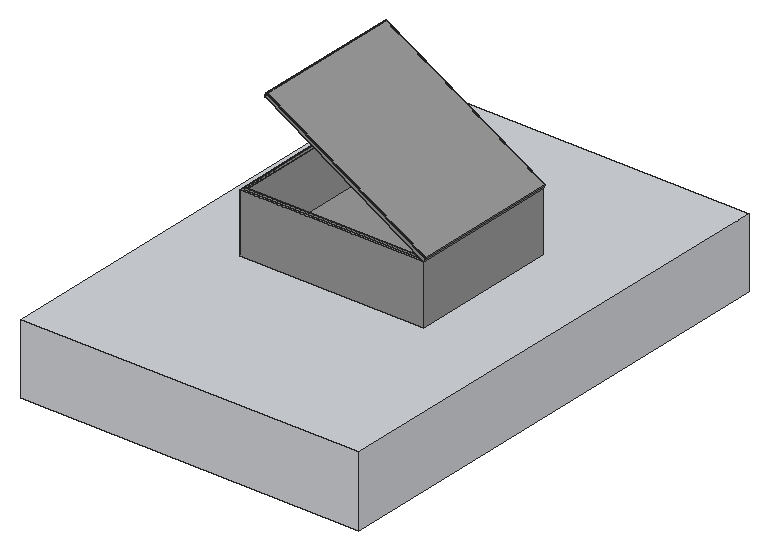
Revit family "Hager-Univers-IP55-D275-H650-Cl.II-Steel_encl-PT-pt", category Equipement électrique, Revit 2020
Family settings
  Hôte = Face
  Configuration du panneau = Deux colonnes, circuits au sein
  Cote de connecteur circulaire = Utiliser le diamètre
  Type d'élément = Tableau de raccordement
  Couper avec des vides une fois chargée = Non
  Partagée = Non
  Point de calcul de pièce = Non
Parameters (values of type "Montagem em superfície (gesso) IP55 L800 A650 P275  - FR43S")
  Width Control [instance] = if([EF000008 - Largura] > Min Width, [EF000008 - Largura], Min Width)  # 800 mm
  Commentaires du type = [HG000003 - Gama]  # "Univers"
  Thickness Door [instance] = if([EF009171 - Espessura do material da porta/tampa] > 3 mm, 3 mm, [EF009171 - Espessura do material da porta/tampa])  # 1.5 mm
  Seal Frame Offset [instance] = 17 mm  # constant formula
  Plinth Visibility [instance] = [HG000027 - Altura da Plinta] > 0 mm  # no
  Model = ""
  Min Width [instance] = 100 mm  # constant formula
  Min Height [instance] = 100 mm  # constant formula
  Min Depth [instance] = (2 * [EF009170 - Espessura do material do invólucro]) + 1 mm  # 4 mm
  Internal Frame Depth [instance] = (Door System Depth * 0.5)  # 9 mm
  Height Control [instance] = if([EF000040 - Altura] > Min Height, [EF000040 - Altura], Min Height)  # 650 mm
  HG000027 - Altura da Plinta = 0 mm
  HG000026 - Instalação no chão = no
  HG000024 - Altura da secção inferior = 800 mm
  HG000023 - Recinto de secção dupla = no
  HG000016 - Visibilidade da porta 3D [instance] = yes
  HG000015 - Visibilidade através da porta [instance] = no
  HG000014 - Porta à direita [instance] = yes
  HG000013 - Porta à esquerda [instance] = not([HG000014 - Porta à direita])  # no
  HG000012 - Ângulo de abertura de porta [instance] = 30.00°
  HG000010 - Portas assimétricas = no
  HG000009 - Porta dupla = no
  HG000006 - Encastrado = no
  HG000004 - Referência do Fabricante = "FR43S"
  HG000003 - Gama = "Univers"
  HG000002 - Com porta ou tampa = yes
  Frame Offset Bottom [instance] = 10 mm  # constant formula
  Frame Offset [instance] = 15 mm  # constant formula
  EF015940 - Tampa com libertação de sobrepressão = no
  EF011959 - Grau de proteção (NEMA) = ""
  EF009554 - Número de aberturas para placas de flange = 6
  Fabricant = "Hager"  # constant formula
  EF009212 - Tipo de tampa = "EV000116 - Fechado"
  EF009171 - Espessura do material da porta/tampa = 1.5 mm
  EF009170 - Espessura do material do invólucro = 1.5 mm
  EF008873 - Corrente nominal (In) = 800 A
  EF007800 - Adequado para proteção contra raios = no
  EF006306 - Com fecho = no
  EF006244 - Tampa/porta transparente = no
  EF005474 - Grau de proteção (IP) = "EV006420 - IP55"
  EF004464 - Tipo de porta = "EV002646 - Único"
  EF004427 - Número de módulos = 144
  EF004293 - Força de impacto = "EV008784 - IK10"
  EF003532 - Adequado para uso no exterior = no
  EF002950 - Largura em número de módulos = 24
  EF001613 - Integridade do circuito = "EV000494 - Nenhum"
  EF001596 - Material do corpo = "EV000179 - Aço"
  EF001131 - Profundidade interior = 275 mm
  EF001088 - Extensão possível = yes
  EF000437 - Número de entradas de condutores = 6
  EF000339 - Tipo de difusor = "EV004216 - Porta"
  EF000266 - Número de linhas = 4
  EF000218 - Profundidade incorporada = 0 mm
  EF000118 - Com tampa de montagem = no
  EF000116 - Número RAL = "7035"
  EF000049 - Profundidade = 275 mm
  EF000040 - Altura = 650 mm
  EF000008 - Largura = 800 mm
  EF000007 - Cor = "EV000270 - Cinzento"
  EF000003 - Método de montagem = "EV000384 - Montagem em superfície (gesso)"
  Door System Leaf Tolerance [instance] = 1.5 mm  # constant formula
  Door System Depth [instance] = 18 mm  # constant formula
  Door Height [instance] = Height Control - [HG000027 - Altura da Plinta]  # 650 mm
  Depth Control [instance] = if([EF000049 - Profundidade] > Min Depth, [EF000049 - Profundidade], Min Depth)  # 275 mm
  Default Elevation = 0 mm
  Connector Offset [instance] = Height Control / 2  # 325 mm
  Bottom Top Plate Trim [instance] = 1.5 mm  # constant formula
  Plinth height Ctrl [instance] = if([HG000027 - Altura da Plinta] > 0 mm, [HG000027 - Altura da Plinta], 12 mm)  # 12 mm
Types (5, lengths in mm): name | Width Control | HG000010 - Portas assimétricas | HG000009 - Porta dupla | HG000004 - Referência do Fabricante | EF009554 - Número de aberturas para placas de flange | EF004464 - Tipo de porta | EF004427 - Número de módulos | EF000437 - Número de entradas de condutores | EF000008 - Largura
  Montagem em superfície (gesso) IP55 L1050 A650 P275  - FR44S | 1050 | no | yes | "FR44S" | 8 | "EV003602 - Duplo" | 192 | 8 | 1050
  Montagem em superfície (gesso) IP55 L1300 A650 P275  - FR45S | 1300 | yes | yes | "FR45S" | 10 | "EV003602 - Duplo" | 240 | 10 | 1300
  Montagem em superfície (gesso) IP55 L300 A650 P275  - FR41S | 300 | no | no | "FR41S" | 2 | "EV002646 - Único" | 48 | 2 | 300
  Montagem em superfície (gesso) IP55 L550 A650 P275  - FR42S | 550 | no | no | "FR42S" | 4 | "EV002646 - Único" | 96 | 4 | 550
  Montagem em superfície (gesso) IP55 L800 A650 P275  - FR43S | 800 | no | no | "FR43S" | 6 | "EV002646 - Único" | 144 | 6 | 800
Reference planes
  plane 1 "Center (Front/Back)": y = 0
  plane 2: z = 0
  plane 3 "Center (Left/Right)": x = 0
  plane 4: z = 275
  plane 5: y = 1.5
  plane 6: y = 325
  plane 7: y = 0
  plane 8: y = 650
  plane 9: z = 0
  plane 10: x = -385
  plane 11: x = 385
  plane 12: x = 383.5
  plane 13: x = -383.5
  plane 14: y = 648.5
  plane 15: x = -383
  plane 16: x = -400
  plane 17: x = 383
  plane 18: x = 400
  plane 19: x = 398.5
  plane 20: x = -398.5
  plane 21: y = 11.5
  plane 22: y = 650
  plane 23: y = 633.5
  plane 24: z = 257
  plane 25: z = 1.5
  plane 26: z = 255.5
  plane 27: z = 273.5
Forms (mm)
  Extrusion 1, solid
    sketch origin (0, 0, 0) x (1, 0, 0) y (0, 1, 0)
      loop
        line (-702.964, 1305) -> (-702.964, -811.445) -> (766.763, -811.445) -> (766.763, 1305) -> (-702.964, 1305)
    from 0 to -304.8
  Extrusion 2, solid, material "Hager_Steel_RAL7035_Light_Grey", visible <- "Plinth Visibility", detail levels medium+fine
    sketch origin (0, 0, 0) x (1, 0, 0) y (0, 1, 0)
      loop
        line (-400, 0) -> (400, 0) -> (400, 12) -> (-400, 12) -> (-400, 0)
    from 0 to 257
  Extrusion 3, solid, material "Hager_Steel_RAL7035_Light_Grey", detail levels medium+fine
    sketch origin (0, 0, 0) x (1, 0, 0) y (0, 1, 0)
      loop
        line (-400, 0) -> (400, 0) -> (400, 650) -> (-400, 650) -> (-400, 0)
    from 0 to 257
  Extrusion 4, void
    sketch origin (0, 0, 0) x (1, 0, 0) y (0, 1, 0)
      loop
        line (-398.5, 1.5) -> (398.5, 1.5) -> (398.5, 648.5) -> (-398.5, 648.5) -> (-398.5, 1.5)
    from 1.5 to 255.5
  Extrusion 5, void
    sketch origin (-381.607, -4572, 257) x (0, -1, 0) y (-1, 0, 0)
      loop
        line (-4583.5, 1.893) -> (-5205.5, 1.893) -> (-5205.5, -765.107) -> (-4583.5, -765.107) -> (-4583.5, 1.893)
    from 0 to 1.5 <- "EF009170 - Espessura do material do invólucro"
  Extrusion 6, solid, material "Hager_Steel_RAL7035_Light_Grey", detail levels fine
    sketch origin (0, 0, 257) x (1, 0, 0) y (0, 1, 0)
      loop
        line (-383.5, 633.5) -> (-383.5, 11.5) -> (383.5, 11.5) -> (383.5, 633.5) -> (-383.5, 633.5)
      loop
        line (-385, 10) -> (385, 10) -> (385, 635) -> (-385, 635) -> (-385, 10)
    from 0 to 9 <- "Internal Frame Depth"
  Extrusion 7, solid, material "Hager_Steel_RAL7035_Light_Grey", detail levels coarse
    sketch origin (0, 0, 0) x (1, 0, 0) y (0, 1, 0)
      loop
        line (-400, 0) -> (400, 0) -> (400, 650) -> (-400, 650) -> (-400, 0)
    from 0 to 275
  Sweep 8, void
    path in 3D
      loop
        line (-400, 12, 0) -> (400, 12, 0) -> (400, 12, 257) -> (-400, 12, 257) -> (-400, 12, 0)
    profile origin (-400, 12, 128.5) x (-1, 0, 0) y (0, -1, 0)
      loop
        line (0, 0) -> (0, 1.5) -> (-1.5, 1.5)
        arc (-1.5, 1.5) -> (-1.061, 0.439) -> (0, 0) r 1.5
Cuts and joins
  Extrusion 4, Extrusion 5 cuts Extrusion 3
  Sweep 8 cuts Extrusion 2
Lines and regions (mm)
  Masking region 1
    outline origin (0, 0, 0) x (1, 0, 0) y (0, 0, 1)
      loop
        line (-400, 275) -> (-400, 0) -> (400, 0) -> (400, 275) -> (-400, 275)
  Masking region 2, detail levels medium+fine
    outline origin (0, 140, 0) x (0, 1, 0) y (0, 0, 1)
      loop
        line (-140, 0) -> (510, 0) -> (510, 257) -> (-140, 257) -> (-140, 0)
  Masking region 3, not visible, detail levels medium+fine
    outline origin (0, 297.922, 0) x (0, 1, 0) y (0, 0, 1)
      loop
        line (38.578, 0) -> (78.578, 0) -> (78.578, 263.5)
        arc (78.578, 263.5) -> (75.649, 270.571) -> (68.578, 273.5) r 10
        line (68.578, 273.5) -> (38.578, 273.5) -> (38.578, 0)
  Masking region 4, detail levels coarse
    outline origin (0, 0, 180) x (0, 1, 0) y (0, 0, 1)
      loop
        line (0, -180) -> (650, -180) -> (650, 95) -> (0, 95) -> (0, -180)
  Masking region 5, visible <- "Plinth Visibility", detail levels medium+fine
    outline origin (0, 52.24, 12.345) x (0, 0, -1) y (0, 1, 0)
      loop
        line (10.845, -40.24) -> (-243.155, -40.24)
        arc (-243.155, -40.24) -> (-243.594, -41.301) -> (-244.655, -41.74) r 1.5
        line (-244.655, -41.74) -> (-244.655, -52.24) -> (12.345, -52.24) -> (12.345, -41.74)
        arc (12.345, -41.74) -> (11.285, -41.301) -> (10.845, -40.24) r 1.5
  Masking region 6, detail levels medium+fine
    outline origin (-381.607, -4572, 257) x (-1, 0, 0) y (0, -1, 0)
      loop
        line (18.393, -5222) -> (18.393, -4572) -> (-781.607, -4572) -> (-781.607, -5222) -> (18.393, -5222)
  Masking region 7, visible <- "Plinth Visibility", detail levels medium+fine
    outline origin (-381.607, -4727, 257) x (-1, 0, 0) y (0, -1, 0)
      loop
        arc (16.893, -4739) -> (17.332, -4737.939) -> (18.393, -4737.5) r 1.5
        line (18.393, -4737.5) -> (18.393, -4727) -> (-781.607, -4727) -> (-781.607, -4737.5)
        arc (-781.607, -4737.5) -> (-780.546, -4737.939) -> (-780.107, -4739) r 1.5
        line (-780.107, -4739) -> (16.893, -4739)
  Masking region 8, detail levels coarse
    outline origin (-442.548, -4669.526, 257) x (-1, 0, 0) y (0, -1, 0)
      loop
        line (-42.548, -5319.526) -> (-42.548, -4669.526) -> (-842.548, -4669.526) -> (-842.548, -5319.526) -> (-42.548, -5319.526)
  sketch lines
    curve 1: line (-400, 12, 257) -> (-400, 12, 0)
    curve 2: line (400, 12, 257) -> (-400, 12, 257)
    curve 3: line (400, 12, 257) -> (400, 12, 0)
    curve 4: line (-400, 12, 0) -> (400, 12, 0)
Dimensions and locks
  "Depth Control": plane 4 to Extrusion 1
  "HG000027 - Altura da Plinta": plane 1 "Center (Front/Back)" to plane 7
  "EF009170 - Espessura do material do invólucro": plane 5 to plane 7
  locked: connector elem to plane 3 "Center (Left/Right)"
  equal spacing: plane 8, plane 6, plane 7
  locked: connector elem to plane 6
  "EF009170 - Espessura do material do invólucro": plane 8 to plane 14
  "EF009170 - Espessura do material do invólucro": plane 10 to plane 13
  "EF009170 - Espessura do material do invólucro": plane 12 to plane 11
  "Frame Offset": plane 20 to plane 13
  "Frame Offset": plane 12 to plane 19
  "EF009170 - Espessura do material do invólucro": plane 16 to plane 20
  "EF009170 - Espessura do material do invólucro": plane 19 to plane 18
  "Seal Frame Offset": plane 16 to plane 15
  "Seal Frame Offset": plane 17 to plane 18
  "Frame Offset Bottom": plane 21 to plane 5
  "Frame Offset": plane 14 to plane 23
  equal spacing: plane 16, plane 3 "Center (Left/Right)", plane 18
  "Width Control": plane 16 to plane 18
  "EF009170 - Espessura do material do invólucro": plane 4 to plane 27
  "EF009170 - Espessura do material do invólucro": plane 24 to plane 26
  "EF009170 - Espessura do material do invólucro": plane 25 to level
  "Door System Depth": plane 4 to plane 24
  "Height Control": plane 1 "Center (Front/Back)" to Extrusion 7 sketch curve
  "Height Control": Masking region 4 sketch curve to plane 1 "Center (Front/Back)"
  "Height Control": plane 1 "Center (Front/Back)" to plane 22
  "Bottom Top Plate Trim": profile plane to Sweep 8 sketch curve
  "Bottom Top Plate Trim": Sweep 8 sketch curve to profile plane
  "Plinth height Ctrl": plane 1 "Center (Front/Back)" to Extrusion 2 sketch curve
  "Plinth height Ctrl": Masking region 5 sketch curve to plane 1 "Center (Front/Back)"
  "Plinth height Ctrl": plane 1 "Center (Front/Back)" to Masking region 7 sketch curve
  "Thickness Door": Extrusion 6 sketch curve to Extrusion 6 sketch curve  (x3)
  "Thickness Door": cut or joined group of Extrusion 3, Extrusion 4, Extrusion 5 to Extrusion 6 sketch curve
  radius of Masking region 3 sketch curve = 10 mm
  "Bottom Top Plate Trim": radius of Masking region 5 sketch curve  (x2)
  "Bottom Top Plate Trim": radius of Sweep 8 sketch curve
  "Bottom Top Plate Trim": radius of Masking region 7 sketch curve  (x2)
  aligned and locked: plane 2 to Extrusion 1
  aligned and locked: level to Extrusion 1
  aligned and locked: level to Masking region 1 sketch curve
  aligned and locked: Masking region 1 sketch curve to plane 18
  aligned and locked: Masking region 1 sketch curve to plane 16
  aligned and locked: plane 7 to Masking region 2 sketch curve
  aligned and locked: level to Masking region 3 sketch curve
  aligned and locked: Masking region 3 sketch curve to plane 27
  aligned and locked: level to Masking region 2 sketch curve
  aligned and locked: plane 1 "Center (Front/Back)" to Extrusion 2 sketch curve
  aligned and locked: Extrusion 3 sketch curve to plane 7
  aligned and locked: plane 16 to Extrusion 3 sketch curve
  aligned and locked: plane 18 to Extrusion 3 sketch curve
  aligned and locked: plane 20 to Extrusion 4 sketch curve
  aligned and locked: plane 19 to Extrusion 4 sketch curve
  aligned and locked: Extrusion 4 sketch curve to plane 5
  aligned and locked: Extrusion 4 to plane 25
  aligned and locked: plane 26 to Extrusion 4
  aligned and locked: plane 24 to Extrusion 3
  aligned and locked: Extrusion 5 sketch curve to plane 21
  aligned and locked: Extrusion 5 sketch curve to plane 13
  aligned and locked: Extrusion 5 sketch curve to plane 12
  aligned and locked: plane 18 to Extrusion 7 sketch curve
  aligned and locked: plane 1 "Center (Front/Back)" to Extrusion 7 sketch curve
  aligned and locked: plane 16 to Extrusion 7 sketch curve
  aligned and locked: plane 4 to Extrusion 7
  aligned and locked: Extrusion 7 to level
  aligned and locked: level to Masking region 4 sketch curve
  aligned and locked: Masking region 4 sketch curve to plane 1 "Center (Front/Back)"
  aligned and locked: Masking region 4 sketch curve to plane 4
  aligned and locked: nested 1 to level
  aligned and locked: nested 1 to plane 16
  aligned and locked: plane 8 to Extrusion 3 sketch curve
  aligned and locked: plane 23 to Extrusion 5 sketch curve
  aligned and locked: plane 14 to Extrusion 4 sketch curve
  aligned and locked: Masking region 2 sketch curve to plane 8
  aligned and locked: level to Masking region 5 sketch curve
  aligned and locked: plane 16 to Extrusion 2 sketch curve
  aligned and locked: plane 18 to Extrusion 2 sketch curve
  aligned and locked: Masking region 5 sketch curve to plane 24
  aligned and locked: Masking region 2 sketch curve to plane 24
  aligned and locked: plane 24 to Extrusion 2
  aligned and locked: profile plane to Sweep 8 sketch curve  (x2)
  aligned and locked: Masking region 6 sketch curve to plane 18
  aligned and locked: Masking region 6 sketch curve to plane 22
  aligned and locked: Masking region 6 sketch curve to plane 16
  aligned and locked: plane 8 to plane 22
  aligned and locked: Masking region 6 sketch curve to plane 7
  aligned and locked: Masking region 7 sketch curve to plane 16
  aligned and locked: Masking region 7 sketch curve to plane 1 "Center (Front/Back)"
  aligned and locked: Masking region 7 sketch curve to plane 18
  aligned and locked: Masking region 8 sketch curve to plane 1 "Center (Front/Back)"
  aligned and locked: Masking region 8 sketch curve to plane 18
  aligned and locked: Masking region 8 sketch curve to plane 22
  aligned and locked: Masking region 8 sketch curve to plane 16
  aligned and locked: nested 2 to plane 7
  aligned and locked: plane 3 "Center (Left/Right)" to nested 2
  aligned and locked: nested 2 to plane 24
  aligned and locked: Extrusion 6 sketch curve to cut or joined group of Extrusion 3, Extrusion 4, Extrusion 5  (x4)
Automatic sketch dimensions
  Extrusion 1 sketch curve to Extrusion 1 sketch curve = 1469.727 mm
  Extrusion 1 sketch curve to Extrusion 1 sketch curve = 2116.445 mm
  Masking region 1 sketch curve to plane 4 = 0 mm
  plane 6 to Masking region 3 sketch curve = 11.5 mm
  Masking region 3 sketch curve to Masking region 3 sketch curve = 30 mm
  Masking region 5 sketch curve to plane 1 "Center (Front/Back)" = 0 mm
Nested families
  nested 1: "Hager_Enclosure_Symbol" at (-400, 0, 0) x (1, 0, 0) z (0, -1, 0), Height <- "Depth Control", Width <- "Width Control", type "Hager_Enclosure_Symbol"
    with Width_Ctrl 800 mm, Width 800 mm, Height_Ctrl 275 mm, Height 275 mm, A_Width_Int 18.047 mm, A_Width 216.562 mm, A_Height_Ctrl 240.625 mm, A_Height 240.625 mm
  nested 2: "EC000058_Univers_Door" at (0, 0, 257) x (1, 0, 0) z (0, 1, 0), Leaf_Tolerance <- "Door System Leaf Tolerance", Angle <- "HG000012 - Ângulo de abertura de porta", Door_Depth <- "Door System Depth", Door_Left <- "HG000013 - Porta à esquerda", Transparent <- "EF006244 - Tampa/porta transparente", Assymetrical <- "HG000010 - Portas assimétricas", Width <- "Width Control", Clearance <- "HG000015 - Visibilidade através da porta", Double <- "HG000009 - Porta dupla", 3d_Door <- "HG000016 - Visibilidade da porta 3D", Lock_Visibility <- "EF006306 - Com fecho", Width_Ctrl <- "Width Control", Door_Right <- "HG000014 - Porta à direita", Door <- "HG000002 - Com porta ou tampa", Height <- "Door Height", Thickness <- "Thickness Door", type "EC000058_Univers_Door", detail levels medium+fine
    with min_wh 4 mm, Width_Ctrl 800 mm, Width 800 mm, Transparent no, Thickness 1.5 mm, Seal_Material Hager_Rubber, Lock_Visibility no, Lock_Material Hager_Plastic_RAL9005_Jet_Black, Leaf_Width 800 mm, Leaf_Tolerance_External_Sides 0 mm, Leaf_Tolerance 1.5 mm, Leaf_Offset 0 mm, Leaf_Height 647 mm, Leaf_2_Width 800 mm, Leaf_2_Offset 400 mm, Leaf_1_Width 800 mm, Leaf_1_Offset 400 mm, Height_Ctrl 650 mm, Height 650 mm, Glass_Material Hager_Glass, Double_Clearance_Ctrl no, Double no, Door_Right_Ctrl yes, Door_Right yes, Door_Material Hager_Steel_RAL7035_Light_Grey, Door_Left_Ctrl no, Door_Left no, Door_Depth 18 mm, Door yes, Clearance_Material Hager_Clearance, Clearance_Depth 800 mm, Clearance_Ctrl no, Clearance no, Assymetrical no, Angle 30.00°, 3d_Door yes
Connectors
  electrical at (0, 325, 0)
    settings: on plane 9, index 1, voltage 0 V, apparent load 0 VA, apparent load phase1 0 VA, apparent load phase2 0 VA, apparent load phase3 0 VA, power factor 1, load classification "Other", number of poles 1, system type 30, power factor state 1, is connector primary yes, connector utility no, sub classification motor no, connector description ""
Definition of nested family "EC000058_Univers_Door"
  Parameters (values of type "EC000058_Univers_Door")
    min_wh [instance] = (2 * Thickness) + 1 mm  # 11 mm
    Width_Ctrl [instance] = 400 mm
    Width [instance] = 500 mm
    Transparent [instance] = yes
    Thickness [instance] = 5 mm
    Seal_Material [instance] = none
    Lock_Visibility [instance] = yes
    Lock_Material [instance] = none
    Leaf_Width [instance] = if((Width_Ctrl - 2 * Leaf_Tolerance_External_Sides) > 0 mm, (Width_Ctrl - 2 * Leaf_Tolerance_External_Sides), min_wh)  # 400 mm
    Leaf_Tolerance_External_Sides [instance] = 0 mm  # constant formula
    Leaf_Tolerance [instance] = 1.5 mm
    Leaf_Offset [instance] = 0 mm  # constant formula
    Leaf_Height [instance] = if((Height_Ctrl - 2 * Leaf_Tolerance) > 0 mm, (Height_Ctrl - 2 * Leaf_Tolerance), min_wh)  # 497 mm
    Leaf_2_Width [instance] = if(and(and(Double, Assymetrical), Door_Left), (Leaf_Width / 3) - (Leaf_Tolerance / 2), if(and(and(Double, Assymetrical), Door_Right), (Leaf_Width / 3) * 2 - (Leaf_Tolerance / 2), if(and(Double, not(Assymetrical)), (Leaf_Width / 2) - Leaf_Tolerance, Leaf_Width)))  # 400 mm
    Leaf_2_Offset [instance] = if(and(Double, Assymetrical), Leaf_2_Width / 2, if(and(Double, not(Assymetrical)), Leaf_Width / 4, Leaf_Width / 2))  # 200 mm
    Leaf_1_Width [instance] = if(and(and(Double, Assymetrical), Door_Right), (Leaf_Width / 3) - (Leaf_Tolerance / 2), if(and(and(Double, Assymetrical), Door_Left), (Width / 3) * 2 - (Leaf_Tolerance / 2), if(and(Double, not(Assymetrical)), (Leaf_Width / 2) - Leaf_Tolerance, Leaf_Width)))  # 400 mm
    Leaf_1_Offset [instance] = if(and(Double, Assymetrical), Leaf_1_Width / 2, if(and(Double, not(Assymetrical)), Leaf_Width / 4, Leaf_Width / 2))  # 200 mm
    Height_Ctrl [instance] = if(Height > min_wh, Height, min_wh)  # 500 mm
    Height [instance] = 500 mm
    Glass_Material [instance] = none
    Double_Clearance_Ctrl [instance] = and(Double, Clearance)  # no
    Double [instance] = no
    Door_Right_Ctrl [instance] = and(or(Door_Right, Double), Door)  # yes
    Door_Right [instance] = yes
    Door_Material [instance] = none
    Door_Left_Ctrl [instance] = and(or(Door_Left, Double), Door)  # no
    Door_Left [instance] = no
    Door_Depth [instance] = 30 mm
    Door [instance] = yes
    Default Elevation = 1219.2 mm
    Clearance_Material [instance] = none
    Clearance_Depth [instance] = if(Leaf_1_Width > Leaf_2_Width, Leaf_1_Width, Leaf_2_Width)  # 400 mm
    Clearance_Ctrl [instance] = and(not(Double), Clearance)  # yes
    Clearance [instance] = yes
    Assymetrical [instance] = yes
    Angle [instance] = 30.00°
    3d_Door [instance] = yes
  Reference planes
    plane 1 "Center (Front/Back)": y = 0
    plane 2 "Bottom": z = 0
    plane 3 "Center (Left/Right)": x = 0
    plane 4: z = 500
    plane 5: x = -200
    plane 6: x = 200
    plane 7: z = 500
    plane 8: x = -200
    plane 9: z = 0
    plane 10: x = 200
    plane 11: y = 0
    plane 12: z = 1.5
    plane 13: x = -600
    plane 14: y = -400
    plane 15: x = 600
    plane 16: x = 0
    plane 17: x = 0
    plane 18: x = -200
    plane 19: x = 200
    plane 20: z = 498.5
  Forms (mm)
    Extrusion 1, solid, material <- "Clearance_Material", visible <- "Double_Clearance_Ctrl"
      sketch origin (1200, 0, 0) x (1, 0, 0) y (0, 0, -1)
        loop
          line (-1800, -498.5) -> (-600, -498.5) -> (-600, 0) -> (-1800, 0) -> (-1800, -498.5)
      from 0 to -400
  Dimensions and locks
    equal spacing: plane 5, plane 3 "Center (Left/Right)", plane 6
    "Width_Ctrl": plane 5 to plane 6
    "Leaf_Offset": plane 5 to plane 8
    "Leaf_Offset": plane 6 to plane 10
    "Leaf_Offset": plane 9 to level
    "Leaf_Offset": plane 4 to plane 7
    "Height_Ctrl": plane 4 to level
    "Leaf_Tolerance": plane 12 to plane 9
    locked: plane 11 to plane 1 "Center (Front/Back)"
    "Leaf_1_Offset": plane 18 to plane 16
    "Leaf_2_Offset": plane 17 to plane 19
    "Leaf_1_Width": plane 13 to plane 8
    "Leaf_2_Width": plane 10 to plane 15
    "Clearance_Depth": plane 14 to plane 1 "Center (Front/Back)"
    "Leaf_Tolerance_External_Sides": plane 8 to plane 18
    "Leaf_Tolerance_External_Sides": plane 19 to plane 10
    "Leaf_Tolerance": plane 7 to plane 20
    aligned and locked: level to plane 2 "Bottom"
    aligned and locked: nested 1 to plane 16
    aligned and locked: nested 2 to plane 17
    aligned and locked: Extrusion 1 to plane 13
    aligned and locked: plane 15 to Extrusion 1
    aligned and locked: Extrusion 1 to plane 14
    aligned and locked: plane 12 to nested 1
    aligned and locked: nested 2 to plane 12
    aligned and locked: Extrusion 1 to plane 11
    aligned and locked: plane 20 to Extrusion 1
    aligned and locked: nested 2 to plane 11
    aligned and locked: nested 1 to plane 11
  Automatic sketch dimensions
    Extrusion 1 sketch curve to level = 0 mm
    plane 5 to Extrusion 1 sketch curve = 400 mm
    plane 6 to Extrusion 1 sketch curve = 400 mm
    Extrusion 1 sketch curve to plane 4 = 1.5 mm
  Nested families
    nested 1: "EC000058_Univers_Door_Leaf" at (0, 0, 1.5), Width <- "Leaf_1_Width", visible <- "Door_Left_Ctrl", Leaf_Height <- "Leaf_Height", Angle <- "Angle", 3d_Door <- "3d_Door", Transparent <- "Transparent", Clearance Material <- "Clearance_Material", Clearance <- "Clearance_Ctrl", Door_Material <- "Door_Material", Glass_Material <- "Glass_Material", Door_Depth <- "Door_Depth", Lock_Material <- "Lock_Material", Seal_Material <- "Seal_Material", Lock_Visibility <- "Lock_Visibility", Thickness <- "Thickness", type "EC000058_Univers_Door_Leaf"
      with Width 400 mm, Transparent_Glass_Offset 30 mm, Transparent_Ctrl yes, Transparent yes, Thickness 5 mm, Standard no, Seal_Material none, Seal_D2 8 mm, Seal_D1 1 mm, Offset_Internal_Frame 10 mm, Lock_Width 20 mm, Lock_Visibility_3d yes, Lock_Visibility yes, Lock_Thickness_3 3 mm, Lock_Thickness_2 1 mm, Lock_Thickness_1 3 mm, Lock_Radius_Offset_2 16 mm, Lock_Radius_Offset_1 15 mm, Lock_Radius_2 5 mm, Lock_Radius 6 mm, Lock_Offset 5 mm, Lock_Material none, Lock_Height 80 mm, Lock_Cover_Top_Offset_2d 17 mm, Lock_Cover_Height -65 mm, Leaf_Height 497 mm, Internal_Seal_Thickness 8 mm, Internal_Seal_Depth_2 4.5 mm, Internal_Frame_Depth 25 mm, Glass_Thickness -1 mm, Glass_Offset -2 mm, Glass_Material none, Door_Material none, Door_Depth 30 mm, Clearance Material none, Clearance yes, Angle_Ctrl 30.00°, Angle 30.00°, 3d_Door yes
    nested 2: "EC000058_Univers_Door_Leaf" at (0, 0, 1.5) x (-1, 0, 0) z (0, 0, 1), Width <- "Leaf_2_Width", visible <- "Door_Right_Ctrl", Leaf_Height <- "Leaf_Height", Angle <- "Angle", 3d_Door <- "3d_Door", Transparent <- "Transparent", Clearance Material <- "Clearance_Material", Clearance <- "Clearance_Ctrl", Door_Material <- "Door_Material", Glass_Material <- "Glass_Material", Door_Depth <- "Door_Depth", Lock_Material <- "Lock_Material", Seal_Material <- "Seal_Material", Lock_Visibility <- "Lock_Visibility", Thickness <- "Thickness", type "EC000058_Univers_Door_Leaf"
      with Width 400 mm, Transparent_Glass_Offset 30 mm, Transparent_Ctrl yes, Transparent yes, Thickness 5 mm, Standard no, Seal_Material none, Seal_D2 8 mm, Seal_D1 1 mm, Offset_Internal_Frame 10 mm, Lock_Width 20 mm, Lock_Visibility_3d yes, Lock_Visibility yes, Lock_Thickness_3 3 mm, Lock_Thickness_2 1 mm, Lock_Thickness_1 3 mm, Lock_Radius_Offset_2 16 mm, Lock_Radius_Offset_1 15 mm, Lock_Radius_2 5 mm, Lock_Radius 6 mm, Lock_Offset 5 mm, Lock_Material none, Lock_Height 80 mm, Lock_Cover_Top_Offset_2d 17 mm, Lock_Cover_Height -65 mm, Leaf_Height 497 mm, Internal_Seal_Thickness 8 mm, Internal_Seal_Depth_2 4.5 mm, Internal_Frame_Depth 25 mm, Glass_Thickness -1 mm, Glass_Offset -2 mm, Glass_Material none, Door_Material none, Door_Depth 30 mm, Clearance Material none, Clearance yes, Angle_Ctrl 30.00°, Angle 30.00°, 3d_Door yes
  Definition of nested family "EC000058_Univers_Door_Leaf"
    Parameters (values of type "EC000058_Univers_Door_Leaf")
      Width [instance] = 2000 mm
      Transparent_Glass_Offset [instance] = 30 mm
      Transparent_Ctrl [instance] = and(Transparent, [3d_Door])  # yes
      Transparent [instance] = yes
      Thickness [instance] = 5 mm
      Standard [instance] = and(not(Transparent), [3d_Door])  # no
      Seal_Material [instance] = none
      Seal_D2 [instance] = 8 mm  # constant formula
      Seal_D1 [instance] = 1 mm  # constant formula
      Offset_Internal_Frame [instance] = 10 mm  # constant formula
      Lock_Width [instance] = 20 mm  # constant formula
      Lock_Visibility_3d [instance] = and(Lock_Visibility, [3d_Door])  # yes
      Lock_Visibility [instance] = yes
      Lock_Thickness_3 [instance] = 3 mm  # constant formula
      Lock_Thickness_2 [instance] = 1 mm  # constant formula
      Lock_Thickness_1 [instance] = 3 mm  # constant formula
      Lock_Radius_Offset_2 [instance] = Lock_Radius_Offset_1 + 1 mm  # 16 mm
      Lock_Radius_Offset_1 [instance] = 15 mm  # constant formula
      Lock_Radius_2 [instance] = Lock_Radius - 1 mm  # 5 mm
      Lock_Radius [instance] = 6 mm  # constant formula
      Lock_Offset [instance] = 5 mm  # constant formula
      Lock_Material [instance] = none
      Lock_Height [instance] = 80 mm  # constant formula
      Lock_Cover_Top_Offset_2d [instance] = Lock_Radius_Offset_2 + 1 mm  # 17 mm
      Lock_Cover_Height [instance] = -(Lock_Height - Lock_Radius_Offset_1)  # -65 mm
      Leaf_Height [instance] = 2720.336 mm
      Internal_Seal_Thickness [instance] = 8 mm  # constant formula
      Internal_Seal_Depth_2 [instance] = 4.5 mm  # constant formula
      Internal_Frame_Depth [instance] = if(Door_Depth - Thickness > 5 mm, Door_Depth - Thickness, 5 mm)  # 25 mm
      Glass_Thickness [instance] = if(Thickness > 15 mm, Glass_Offset + 10 mm, -1 mm)  # -1 mm
      Glass_Offset [instance] = if(Thickness > 15 mm, -(Thickness + 10 mm) / 2, -2 mm)  # -2 mm
      Glass_Material [instance] = none
      Door_Material [instance] = none
      Door_Depth [instance] = 30 mm
      Default Elevation = 0 mm
      Clearance Material [instance] = none
      Clearance [instance] = yes
      Angle_Ctrl [instance] = if(Angle > 180.00°, 180.00°, Angle)  # 90.00°
      Angle [instance] = 90.00°
      3d_Door [instance] = yes
    Reference planes
      plane 1 "Center (Front/Back)": y = 0
      plane 2: z = 0
      plane 3 "Center (Left/Right)": x = 0
      plane 4: y = 2000
      plane 5: x = -1000
      plane 6: x = 1000
      plane 7: x = -3000
      plane 8: z = 2720.336
      plane 9: z = 30
      plane 10: z = 2690.336
      plane 11: x = 970
      plane 12: x = -970
      plane 13: y = -3
      plane 14: z = 107.833
      plane 15: y = -5
      plane 16: y = -223.314
      plane 17: x = -1000
      plane 18: z = 1360.168
      plane 19: y = 30
    Forms (mm)
      Extrusion 1, solid, material <- "Clearance Material", visible <- "Clearance"
        sketch origin (0, 0, 0) x (1, 0, 0) y (0, 0, 1)
          loop
            line (-3000, 2720.336) -> (-3000, 0) -> (1000, 0) -> (1000, 2720.336) -> (-3000, 2720.336)
        from 0 to -2000
      Extrusion 2, solid, material <- "Door_Material", visible <- "Standard", detail levels medium+fine
        sketch origin (-1000, 0, 0) x (0, 1, 0) y (-1, 0, 0)
          loop
            line (0, 30) -> (0, 25) -> (2000, 25) -> (2000, 30) -> (0, 30)
        from 0 to 2720.336 <- "Leaf_Height"
      Extrusion 3, solid, material <- "Door_Material", visible <- "Transparent_Ctrl", detail levels medium+fine
        sketch origin (-1000, 0, 0) x (0, 1, 0) y (-1, 0, 0)
          loop
            line (0, 25) -> (2000, 25) -> (2000, 30) -> (0, 30) -> (0, 25)
        from 0 to 2720.336 <- "Leaf_Height"
      Extrusion 4, void
        sketch origin (-1025, 2000, 0) x (0, 1, 0) y (0, 0, -1)
          loop
            line (-30, -2690.336) -> (-30, -30) -> (-1970, -30) -> (-1970, -2690.336) -> (-30, -2690.336)
        from 0 to 5 <- "Thickness"
      Sweep 5, solid, material <- "Seal_Material", visible <- "Transparent_Ctrl", detail levels fine
        path in 3D
          loop
            line (-1025, 30, 30) -> (-1025, 30, 2690.336) -> (-1025, 1970, 2690.336) -> (-1025, 1970, 30) -> (-1025, 30, 30)
        profile origin (-1025, 1000, 30) x (1, 0, 0) y (0, 0, 1)
          loop
            line (0, 0) -> (0, -8) -> (1, -8) -> (1, 0) -> (0, 0)
      Extrusion 6, solid, material <- "Glass_Material", visible <- "Transparent_Ctrl", detail levels medium+fine
        sketch origin (-1030, 0, 0) x (0, 1, 0) y (0, 0, -1)
          loop
            line (1970, -2690.336) -> (1970, -30) -> (30, -30) -> (30, -2690.336) -> (1970, -2690.336)
        from -2 <- "Glass_Offset" to -1 <- "Glass_Thickness"
      Extrusion 7, solid, material <- "Door_Material", visible <- "3d_Door", detail levels medium+fine
        sketch origin (-1025, 2000, 0) x (0, -1, 0) y (0, 0, -1)
          loop
            line (0, -2720.336) -> (2000, -2720.336) -> (2000, 0) -> (0, 0) -> (0, -2720.336)
          loop
            line (1995, -5) -> (5, -5) -> (5, -2715.336) -> (1995, -2715.336) -> (1995, -5)
        from 0 to 25 <- "Internal_Frame_Depth"
      Sweep 8, solid, material <- "Seal_Material", visible <- "Transparent_Ctrl", detail levels fine
        path in 3D
          loop
            line (-1025, 0, 0) -> (-1025, 2000, 0) -> (-1025, 2000, 2720.336) -> (-1025, 0, 2720.336) -> (-1025, 0, 0)
        profile origin (-1025, 0, 1360.168) x (1, 0, 0) y (0, 1, 0)
          loop
            line (0, 10) -> (2.975, 10)
            arc (2.975, 10) -> (4.053, 10.447) -> (4.5, 11.525) r 1.525
            line (4.5, 11.525) -> (4.5, 16.527)
            arc (4.5, 16.527) -> (4.069, 17.569) -> (3.027, 18) r 1.473
            line (3.027, 18) -> (0, 18) -> (0, 10)
      Extrusion 9, solid, material <- "Lock_Material", visible <- "Lock_Visibility_3d", detail levels fine
        sketch origin (-1030, 0, 0) x (0, 1, 0) y (0, 0, -1)
          loop
            arc (1993.5, -1400.168) -> (1994.561, -1399.729) -> (1995, -1398.668) r 1.5
            line (1995, -1398.668) -> (1995, -1320.168) -> (1975, -1320.168) -> (1975, -1398.668)
            arc (1975, -1398.668) -> (1975.439, -1399.729) -> (1976.5, -1400.168) r 1.5
            line (1976.5, -1400.168) -> (1993.5, -1400.168)
        from 3 <- "Lock_Thickness_1" to 0
      Blend 10, solid, material <- "Lock_Material", visible <- "Lock_Visibility_3d", detail levels fine
        base sketch origin (-1033, 0, 0) x (0, 1, 0) y (0, 0, -1)
          loop
            line (1975, -1320.168) -> (1975, -1398.668)
            arc (1975, -1398.668) -> (1975.439, -1399.729) -> (1976.5, -1400.168) r 1.5
            line (1976.5, -1400.168) -> (1993.5, -1400.168)
            arc (1993.5, -1400.168) -> (1994.561, -1399.729) -> (1995, -1398.668) r 1.5
            line (1995, -1398.668) -> (1995, -1320.168) -> (1975, -1320.168)
        top sketch origin (-1033, 0, 0) x (0, 1, 0) y (0, 0, -1)
          loop
            line (1976, -1320.168) -> (1976, -1398.668)
            arc (1976, -1398.668) -> (1976.146, -1399.022) -> (1976.5, -1399.168) r 0.5
            line (1976.5, -1399.168) -> (1993.5, -1399.168)
            arc (1993.5, -1399.168) -> (1993.854, -1399.022) -> (1994, -1398.668) r 0.5
            line (1994, -1398.668) -> (1994, -1320.168) -> (1976, -1320.168)
        from 0 to 1 <- "Lock_Thickness_2"
      Blend 11, solid, material <- "Lock_Material", visible <- "Lock_Visibility_3d", detail levels fine
        base sketch origin (-1034, 0, 0) x (0, 1, 0) y (0, 0, -1)
          loop
            line (1978, -1320.168) -> (1978, -1384.168)
            arc (1978, -1384.168) -> (1985, -1391.168) -> (1992, -1384.168) r 7
            line (1992, -1384.168) -> (1992, -1320.168) -> (1978, -1320.168)
        top sketch origin (-1034, 0, 0) x (0, 1, 0) y (0, 0, -1)
          loop
            line (1991, -1320.168) -> (1979, -1320.168) -> (1979, -1383.168)
            arc (1979, -1383.168) -> (1985, -1389.168) -> (1991, -1383.168) r 6
            line (1991, -1383.168) -> (1991, -1320.168)
        from 0 to 3 <- "Lock_Thickness_3"
      Extrusion 12, solid, material <- "Lock_Material", visible <- "Lock_Visibility_3d", detail levels fine
        sketch origin (-1030, 1975, 1320.168) x (1, 0, 0) y (0, -1, 0)
          loop
            line (-7, -19) -> (-7, -1) -> (0, -1) -> (0, 0) -> (-8, 0) -> (-8, -20) -> (0, -20) -> (0, -19) -> (-7, -19)
        from 0 to -65 <- "Lock_Cover_Height"
      Extrusion 13, void
        sketch origin (-1038, 1995, 1320.168) x (-1, 0, 0) y (0, 0, -1)
          loop
            line (-5, -65) -> (0, -65) -> (-5, -60) -> (-5, -65)
        from 0 to 20 <- "Lock_Width"
      Extrusion 14, void
        sketch origin (-1038, 1975, 1320.168) x (0, -1, 0) y (0, 0, -1)
          loop
            circle (-10, -15.995) r 6
          loop
            circle (-10, -15.995) r 5
        from 0 to 2
      Extrusion 15, solid, material <- "Lock_Material", visible <- "Lock_Visibility_3d", detail levels medium
        sketch origin (-1030, 0, 0) x (0, 1, 0) y (0, 0, -1)
          loop
            arc (1993.5, -1400.168) -> (1994.561, -1399.729) -> (1995, -1398.668) r 1.5
            line (1995, -1398.668) -> (1995, -1320.168) -> (1975, -1320.168) -> (1975, -1398.668)
            arc (1975, -1398.668) -> (1975.439, -1399.729) -> (1976.5, -1400.168) r 1.5
            line (1976.5, -1400.168) -> (1993.5, -1400.168)
        from 8 to 0
    Cuts and joins
      Extrusion 4 cuts Extrusion 3
      Extrusion 13, Extrusion 14 cuts Extrusion 9
      Extrusion 14 cuts Blend 11
      Extrusion 13, Extrusion 14 cuts Extrusion 12
      joined: Extrusion 9, Blend 10, Blend 11, Extrusion 12
      Extrusion 14 cuts Extrusion 15
    Lines and regions (mm)
      Masking region 1, visible <- "Lock_Visibility", detail levels fine
        outline origin (0, 0, 0) x (0, 1, 0) y (0, 0, 1)
          loop
            line (30, 1320.168) -> (33, 1320.168) -> (33, 1400.168) -> (30, 1400.168) -> (30, 1320.168)
      Masking region 2, visible <- "Lock_Visibility", detail levels fine
        outline origin (0, 3.143, 0) x (0, 1, 0) y (0, 0, 1)
          loop
            line (29.857, 1354.168) -> (30.857, 1354.168) -> (30.857, 1366.168) -> (29.857, 1366.168) -> (29.857, 1354.168)
      Masking region 3, detail levels medium+fine
        outline origin (0, 0, 0) x (0, 1, 0) y (0, 0, 1)
          loop
            line (0, 0) -> (30, 0) -> (30, 2720.336) -> (0, 2720.336) -> (0, 0)
      Masking region 4, detail levels medium+fine
        outline origin (0, 0, 0) x (1, 0, 0) y (0, 0, 1)
          loop
            line (-1000, 2720.336) -> (-1000, 0) -> (1000, 0) -> (1000, 2720.336) -> (-1000, 2720.336)
      Masking region 5, visible <- "Lock_Visibility", detail levels fine
        outline origin (-47.116, 0, 0) x (1, 0, 0) y (0, 0, 1)
          loop
            arc (1024.616, 1399.168) -> (1023.556, 1398.729) -> (1023.116, 1397.668) r 1.5
            line (1023.116, 1397.668) -> (1023.116, 1320.168) -> (1041.116, 1320.168) -> (1041.116, 1397.668)
            arc (1041.116, 1397.668) -> (1040.677, 1398.729) -> (1039.616, 1399.168) r 1.5
            line (1039.616, 1399.168) -> (1024.616, 1399.168)
      Masking region 6, visible <- "Lock_Visibility", detail levels medium+fine
        outline origin (-25, 0, 0) x (1, 0, 0) y (0, 0, 1)
          loop
            arc (1001.5, 1400.168) -> (1000.439, 1399.729) -> (1000, 1398.668) r 1.5
            line (1000, 1398.668) -> (1000, 1320.168) -> (1020, 1320.168) -> (1020, 1398.668)
            arc (1020, 1398.668) -> (1019.561, 1399.729) -> (1018.5, 1400.168) r 1.5
            line (1018.5, 1400.168) -> (1001.5, 1400.168)
      Masking region 7, visible <- "Lock_Visibility", detail levels fine
        outline origin (-73.735, 0, 0) x (1, 0, 0) y (0, 0, 1)
          loop
            line (1051.735, 1382.168) -> (1065.735, 1382.168) -> (1065.735, 1384.168)
            arc (1065.735, 1384.168) -> (1058.735, 1391.168) -> (1051.735, 1384.168) r 7
            line (1051.735, 1384.168) -> (1051.735, 1382.168)
      Masking region 8, visible <- "Lock_Visibility", detail levels fine
        outline origin (-73.735, 0, 0) x (1, 0, 0) y (0, 0, 1)
          loop
            line (1052.735, 1382.168) -> (1064.735, 1382.168) -> (1064.735, 1383.168)
            arc (1064.735, 1383.168) -> (1058.735, 1389.168) -> (1052.735, 1383.168) r 6
            line (1052.735, 1383.168) -> (1052.735, 1382.168)
      Masking region 9, visible <- "Lock_Visibility", detail levels fine
        outline origin (-25, 0, 0) x (1, 0, 0) y (0, 0, 1)
          loop
            line (1020, 1320.168) -> (1020, 1382.168) -> (1000, 1382.168) -> (1000, 1320.168) -> (1020, 1320.168)
      Masking region 10, detail levels medium+fine
        outline origin (0, 0, 0) x (1, 0, 0) y (0, 0, 1)
          loop
            circle (985, 1335.144) r 6
      Masking region 11, detail levels fine
        outline origin (0, 0, 0) x (1, 0, 0) y (0, 0, 1)
          loop
            circle (985, 1335.144) r 5
      Masking region 12, visible <- "Lock_Visibility", detail levels fine
        outline origin (0, 12.767, 0) x (0, 1, 0) y (0, 0, 1)
          loop
            line (20.233, 1320.168) -> (21.233, 1320.168) -> (21.233, 1399.168) -> (20.233, 1400.168) -> (20.233, 1320.168)
      Masking region 13, visible <- "Lock_Visibility", detail levels fine
        outline origin (0, 13.767, -10) x (0, 1, 0) y (0, 0, 1)
          loop
            line (20.233, 1330.168) -> (23.233, 1330.168) -> (23.233, 1399.168) -> (20.233, 1402.168) -> (20.233, 1330.168)
      Masking region 14, visible <- "Lock_Visibility", detail levels fine
        outline origin (0, 12.767, -10) x (0, 1, 0) y (0, 0, 1)
          loop
            line (20.233, 1330.168) -> (25.233, 1330.168) -> (25.233, 1399.305) -> (20.233, 1394.305) -> (20.233, 1330.168)
      Masking region 15, visible <- "Lock_Visibility", detail levels medium
        outline origin (0, 0, 0) x (0, 1, 0) y (0, 0, 1)
          loop
            line (30, 1320.168) -> (38, 1320.168) -> (38, 1400.168) -> (30, 1400.168) -> (30, 1320.168)
      Masking region 16, visible <- "Lock_Visibility", detail levels fine
        outline origin (-1000, 0, 0) x (0, 1, 0) y (-1, 0, 0)
          loop
            line (1975, 30) -> (1995, 30) -> (1995, 38) -> (1975, 38) -> (1975, 30)
          loop
            line (1979, 37) -> (1976, 37) -> (1976, 34) -> (1978, 34) -> (1979, 37)
          loop
            line (1994, 37) -> (1991, 37) -> (1992, 34) -> (1994, 34) -> (1994, 37)
      Masking region 17, visible <- "Lock_Visibility", detail levels medium
        outline origin (-1000, 0, 0) x (0, 1, 0) y (-1, 0, 0)
          loop
            line (1975, 30) -> (1995, 30) -> (1995, 38) -> (1975, 38) -> (1975, 30)
      symbolic lines
        curve 1: line (1000, 0, 0) -> (-3000, 0, 0)
        curve 2: arc (1000, 0, 0) -> (-1000, 2000, 0) -> (-3000, 0, 0) r 2000
        curve 4: line (-1030, 0, 0) -> (-1030, 2000, 0)
      reference lines
        curve 3: line (-1000, 0, 0) -> (-1000, 2000, 0)
      symbolic lines, detail levels medium+fine
        curve 5: line (-1030, 2000, 0) -> (-1025, 2000, 0)
        curve 7: line (-1025, 0, 0) -> (-1030, 0, 0)
        curve 8: line (-1025, 0, 0) -> (-1000, 0, 0)
        curve 9: line (-1000, 0, 0) -> (-1000, 2000, 0)
        curve 10: line (-1000, 2000, 0) -> (-1025, 2000, 0)
      symbolic lines, detail levels fine
        curve 6: line (-1025, 2000, 0) -> (-1025, 0, 0)
      sketch lines
        curve 11: line (-1025, 0, 2720.336) -> (-1025, 0, 0)
        curve 12: line (-1025, 2000, 0) -> (-1025, 0, 0)
        curve 13: line (-1025, 2000, 2720.336) -> (-1025, 2000, 0)
        curve 14: line (-1025, 0, 2720.336) -> (-1025, 2000, 2720.336)
        curve 15: line (-1025, 1970, 30) -> (-1025, 30, 30)
        curve 16: line (-1025, 30, 30) -> (-1025, 30, 2690.336)
        curve 17: line (-1025, 1970, 2690.336) -> (-1025, 1970, 30)
        curve 18: line (-1025, 30, 2690.336) -> (-1025, 1970, 2690.336)
      symbolic lines, visible <- "Transparent", detail levels medium+fine
        curve 19: line (-970, 0, 2690.336) -> (970, 0, 2690.336)
        curve 20: line (-970, 0, 30) -> (-970, 0, 2690.336)
        curve 21: line (970, 0, 30) -> (-970, 0, 30)
        curve 22: line (970, 0, 2690.336) -> (970, 0, 30)
    Dimensions and locks
      "Width": plane 1 "Center (Front/Back)" to plane 4
      equal spacing: plane 5, plane 3 "Center (Left/Right)", plane 6
      "Width": plane 5 to plane 6
      "Width": plane 7 to plane 5
      "Leaf_Height": plane 8 to level
      "Width": curve 5 to curve 3
      "Width": curve 3 to curve 3
      plane 8 to plane 10 = 30 mm
      plane 9 to level = 30 mm
      plane 12 to plane 5 = 30 mm
      plane 6 to plane 11 = 30 mm
      Extrusion 1 to Extrusion 4 sketch curve = 30 mm
      "Transparent_Glass_Offset": curve 3 to Extrusion 4 sketch curve
      "Transparent_Glass_Offset": Extrusion 4 sketch curve to cut or joined group of Extrusion 3, Extrusion 4  (x2)
      cut or joined group of Extrusion 3, Extrusion 4 to Extrusion 6 sketch curve = 30 mm
      "Transparent_Glass_Offset": cut or joined group of Extrusion 3, Extrusion 4 to Extrusion 4 sketch curve
      "Thickness": curve 6 to curve 4
      "Thickness": Extrusion 7 sketch curve to Extrusion 7 sketch curve  (x4)
      "Door_Depth": curve 4 to curve 3
      "Offset_Internal_Frame": profile plane to Sweep 8 sketch curve
      "Internal_Seal_Thickness": Sweep 8 sketch curve to Sweep 8 sketch curve
      "Internal_Seal_Depth_2": profile plane to Sweep 8 sketch curve
      "Seal_D1": profile plane to Sweep 5 sketch curve
      "Seal_D2": profile plane to Sweep 5 sketch curve
      "Thickness": Extrusion 2 sketch curve to Extrusion 2 sketch curve
      equal spacing: Extrusion 9 sketch curve, plane 18, Extrusion 9 sketch curve  (x2)
      equal spacing: Masking region 1 sketch curve, plane 18, Masking region 1 sketch curve
      "Lock_Height": Masking region 1 sketch curve to Masking region 1 sketch curve
      "Lock_Radius": Masking region 2 sketch curve to plane 18 to Masking region 2 sketch curve
      Masking region 2 sketch curve to Masking region 1 = 1 mm
      "Door_Depth": plane 19 to plane 1 "Center (Front/Back)"
      "Lock_Thickness_1": Masking region 1 sketch curve to plane 19
      "Lock_Width": Extrusion 9 sketch curve to Extrusion 9 sketch curve
      "Lock_Height": Extrusion 9 sketch curve to Extrusion 9 sketch curve
      "Lock_Offset": cut or joined group of Extrusion 3, Extrusion 4 to Extrusion 9 sketch curve
      equal spacing: plane 8, plane 18, level
      "Lock_Radius_Offset_1": Blend 11 sketch curve to Blend 10
      locked: Blend 10 to Blend 11 sketch curve at 2  (x2)
      locked: var sketch to Blend 11 sketch curve at 1  (x2)
      "Lock_Radius_Offset_2": Blend 11 sketch curve to Blend 10
      locked: Extrusion 12 sketch curve to Extrusion 12 sketch curve at 1  (x3)
      Masking region 6 sketch curve to Masking region 6 sketch curve = 80 mm
      "Lock_Height": Masking region 6 sketch curve to Masking region 6 sketch curve
      "Lock_Width": Masking region 6 sketch curve to Masking region 6 sketch curve
      locked: Masking region 6 to Masking region 5 sketch curve at 1  (x3)
      locked: Masking region 5 to Masking region 7 sketch curve at 2  (x2)
      "Lock_Radius_Offset_1": Masking region 5 to Masking region 7 sketch curve
      "Lock_Radius_Offset_2": Masking region 5 to Masking region 8 sketch curve
      locked: Masking region 7 to Masking region 8 sketch curve at 1  (x2)
      "Lock_Cover_Top_Offset_2d": Masking region 5 to Masking region 9 sketch curve
      equal spacing: Masking region 9, Masking region 10 sketch curve, Masking region 9
      equal spacing: Masking region 9, Masking region 11 sketch curve, Masking region 9
      Extrusion 15 sketch curve to Extrusion 15 sketch curve = 80 mm
      "Lock_Width": Extrusion 15 sketch curve to Extrusion 15 sketch curve
      "Lock_Height": Extrusion 15 sketch curve to Extrusion 15 sketch curve
      equal spacing: Extrusion 15 sketch curve, plane 18, Extrusion 15 sketch curve
      "Lock_Thickness_3": Masking region 13 sketch curve to Masking region 13 sketch curve
      "Lock_Height": Masking region 12 sketch curve to Masking region 12 sketch curve
      locked: Masking region 13 sketch curve to Masking region 1 at 8
      locked: Masking region 14 sketch curve to Masking region 13 at 1
      locked: Masking region 14 sketch curve to Masking region 1 at 10.863
      "Lock_Height": Masking region 15 sketch curve to Masking region 15 sketch curve
      "Lock_Offset": Extrusion 15 sketch curve to cut or joined group of Extrusion 3, Extrusion 4
      "Lock_Offset": plane 6 to Masking region 6 sketch curve
      radius of Sweep 8 sketch curve = 1.525 mm
      radius of Sweep 8 sketch curve = 1.473 mm
      radius of Extrusion 9 sketch curve = 1.5 mm  (x2)
      "Lock_Radius": radius of Extrusion 14 sketch curve
      "Lock_Radius_2": radius of Extrusion 14 sketch curve
      "Lock_Radius": radius of Masking region 10 sketch curve
      "Lock_Radius_2": radius of Masking region 11 sketch curve
      radius of Extrusion 15 sketch curve = 1.5 mm  (x2)
      "Angle_Ctrl": angle plane 1 "Center (Front/Back)" to curve 3
      locked: Masking region 12 sketch curve to Masking region 12 sketch curve (angle 45.00°)
      locked: Masking region 13 sketch curve to Masking region 13 sketch curve (angle 45.00°)
      locked: Masking region 14 sketch curve to Masking region 14 sketch curve (angle 45.00°)
      aligned and locked: level to plane 2
      aligned and locked: Extrusion 1 to curve 1
      aligned and locked: plane 6 to Extrusion 1
      aligned and locked: Extrusion 1 to plane 1 "Center (Front/Back)"
      aligned and locked: plane 4 to Extrusion 1
      aligned and locked: plane 8 to Extrusion 1
      aligned and locked: curve 7 to Extrusion 2 sketch curve
      aligned and locked: curve 5 to Extrusion 2 sketch curve
      aligned and locked: curve 7 to Extrusion 3 sketch curve
      aligned and locked: Extrusion 3 sketch curve to curve 4
      aligned and locked: Extrusion 3 sketch curve to curve 6
      aligned and locked: Extrusion 3 sketch curve to curve 5
      aligned and locked: curve 9 to curve 3
      aligned and locked: Extrusion 7 sketch curve to cut or joined group of Extrusion 3, Extrusion 4  (x4)
      aligned and locked: plane 17 to curve 3
      aligned and locked: plane 1 "Center (Front/Back)" to curve 3
      aligned and locked: plane 17 to plane 5
      aligned and locked: Sweep 8 sketch curve to profile plane
      aligned and locked: Sweep 5 sketch curve to profile plane  (x2)
      aligned and locked: Masking region 1 to Masking region 2 sketch curve
      aligned and locked: plane 19 to Masking region 1 sketch curve
      aligned and locked: plane 1 "Center (Front/Back)" to Masking region 3 sketch curve
      aligned and locked: plane 19 to Masking region 3 sketch curve
      aligned and locked: level to Masking region 3 sketch curve
      aligned and locked: Masking region 3 sketch curve to plane 8
      aligned and locked: plane 17 to Masking region 4 sketch curve
      aligned and locked: level to Masking region 4 sketch curve
      aligned and locked: Masking region 4 sketch curve to plane 8
      aligned and locked: plane 12 to curve 20
      aligned and locked: plane 10 to curve 19
      aligned and locked: plane 11 to curve 22
      aligned and locked: curve 21 to plane 9
      aligned and locked: Extrusion 2 sketch curve to cut or joined group of Extrusion 3, Extrusion 4
      aligned and locked: Blend 10 sketch curve to Extrusion 9  (x4)
      aligned and locked: Extrusion 9 to Blend 10 sketch curve
      aligned and locked: Blend 10 to Blend 11 sketch curve
      aligned and locked: Extrusion 12 sketch curve to Blend 11
      aligned and locked: Extrusion 12 sketch curve to Extrusion 9  (x4)
      aligned and locked: Masking region 5 sketch curve to Masking region 6
      aligned and locked: Masking region 9 sketch curve to Masking region 6  (x3)
      aligned and locked: Masking region 12 sketch curve to Masking region 1
      aligned and locked: Masking region 13 sketch curve to Masking region 1
      aligned and locked: Masking region 12 to Masking region 14
      aligned and locked: Masking region 14 sketch curve to Masking region 1
      aligned and locked: Masking region 15 sketch curve to Masking region 14
      aligned and locked: Masking region 13 sketch curve to Masking region 12
      aligned and locked: Masking region 16 sketch curve to cut or joined group of Extrusion 14, Extrusion 15  (x4)
      aligned and locked: Masking region 16 sketch curve to cut or joined group of Extrusion 9, Blend 10, Blend 11, Extrusion 12, Extrusion 13, Extrusion 14  (x6)
      aligned and locked: cut or joined group of Extrusion 9, Blend 10, Blend 11, Extrusion 12, Extrusion 13, Extrusion 14 to Masking region 16 sketch curve
      aligned and locked: Masking region 17 sketch curve to cut or joined group of Extrusion 14, Extrusion 15  (x3)
      aligned and locked: Masking region 17 sketch curve to cut or joined group of Extrusion 9, Blend 10, Blend 11, Extrusion 12, Extrusion 13, Extrusion 14
      aligned and locked: Masking region 9 to Masking region 8 sketch curve
      aligned and locked: Masking region 9 to Masking region 7 sketch curve
    Automatic sketch dimensions
      plane 1 "Center (Front/Back)" to curve 2 = 0 mm
      curve 2 to plane 5 = 0 mm
      Extrusion 1 sketch curve to level = 0 mm
      Extrusion 1 sketch curve to plane 7 = 0 mm
      Extrusion 1 sketch curve to plane 6 = 0 mm
      Extrusion 1 sketch curve to plane 8 = 0 mm
      Extrusion 3 to Extrusion 6 sketch curve = 30 mm  (x4)
      Masking region 4 sketch curve to plane 6 = 0 mm
      Blend 10 sketch curve to Extrusion 9 = 1.5 mm
      Blend 10 sketch curve to Extrusion 9 = 1 mm
      Extrusion 13 sketch curve to Extrusion 12 = 0 mm  (x2)
      Extrusion 12 to Extrusion 13 sketch curve = 3 mm
      Extrusion 13 sketch curve to Extrusion 12 = 5 mm
      Extrusion 14 sketch curve to Extrusion 14 sketch curve = 0 mm  (x2)
      Extrusion 14 sketch curve to Extrusion 12 = 10 mm
      Extrusion 14 sketch curve to Extrusion 12 = 15.995 mm
      Masking region 5 sketch curve to Masking region 5 sketch curve = 1.5 mm  (x2)
      Masking region 10 sketch curve to plane 18 = 25.024 mm
      Masking region 11 sketch curve to plane 18 = 25.024 mm
      plane 19 to Masking region 14 sketch curve = 3 mm
      Masking region 16 sketch curve to Masking region 16 sketch curve = 3 mm
      curve 4 to curve 3 = 0 mm
      Blend 10 to Blend 11 sketch curve = 0 mm
      Masking region 6 sketch curve to Masking region 6 sketch curve = 1.5 mm  (x2)
      Masking region 6 sketch curve to plane 18 = 40 mm
      plane 19 to Masking region 12 sketch curve = 3 mm
      Masking region 12 sketch curve to Masking region 12 sketch curve = 1 mm
      Masking region 15 sketch curve to plane 19 = 0 mm
      Masking region 15 sketch curve to plane 18 = 40 mm
      radius of Blend 10 sketch curve to Extrusion 9 = 1 mm
Definition of nested family "Hager_Enclosure_Symbol"
  Parameters (values of type "Hager_Enclosure_Symbol")
    Width_Ctrl [instance] = if(Width > 1 mm, Width, 1 mm)  # 102.27 mm
    Width [instance] = 102.27 mm
    Height_Ctrl [instance] = if(Height > 1 mm, Height, 1 mm)  # 66.5 mm
    A_Width_Int [instance] = if(A_Width / 12 > 2 mm, A_Width / 12, 2 mm)  # 4.364 mm
    A_Width [instance] = if(A_Height_Ctrl * 0.9 > 2 mm, A_Height_Ctrl * 0.9, 2 mm)  # 52.369 mm
    A_Height_Ctrl [instance] = if(A_Height > 2 mm, A_Height, 2 mm)  # 58.188 mm
    Height [instance] = 66.5 mm
    A_Height [instance] = Height - (Height / 8)  # 58.188 mm
  Reference planes
    plane 1 "Centre (avant/arrière)": y = 0
    plane 2: z = 0
    plane 3 "Centre (gauche/droite)": x = 0
    plane 4: x = 52.369
    plane 5: y = 33.042
    plane 6: y = 41.77
    plane 7: y = 66.5
    plane 8: x = 26.184
    plane 9: y = 37.406
    plane 10: x = 102.27
    plane 11: y = 66.5
    plane 12: y = 8.313
  Lines and regions (mm)
    Filled region 1, type "Solid_Black", in view "Niveau de réf."
      outline origin (0, 0, 0) x (1, 0, 0) y (0, 1, 0)
        loop
          line (52.369, 66.5) -> (33.188, 54.536) -> (45.365, 45.006) -> (52.369, 66.5)
    Filled region 2, type "Solid_Black", in view "Niveau de réf."
      outline origin (0, 0, 0) x (1, 0, 0) y (0, 1, 0)
        loop
          line (0, 0) -> (102.27, 0) -> (102.27, 66.5) -> (0, 0)
    detail lines, in view "Niveau de réf."
      curve 1: line (0, 8.313, 0) -> (26.184, 41.77, 0)
      curve 2: line (26.184, 41.77, 0) -> (26.184, 33.042, 0)
      curve 3: line (26.184, 33.042, 0) -> (52.369, 66.5, 0)
  Dimensions and locks
    "A_Width": plane 3 "Centre (gauche/droite)" to plane 4
    equal spacing: plane 3 "Centre (gauche/droite)", plane 8, plane 4
    equal spacing: plane 6, plane 9, plane 5
    equal spacing: curve 3, Filled region 1 sketch curve, Filled region 1 sketch curve
    "Height_Ctrl": plane 1 "Centre (avant/arrière)" to plane 11
    "A_Height_Ctrl": plane 11 to plane 12
    equal spacing: plane 11, plane 9, plane 12
    "A_Width_Int": plane 6 to plane 9
    "Width_Ctrl": plane 3 "Centre (gauche/droite)" to plane 10
    angle Filled region 1 sketch curve to curve 3 = 20.00°
    angle curve 3 to Filled region 1 sketch curve = 20.00°
    locked: curve 3 to Filled region 1 sketch curve (angle 90.00°)
    aligned and locked: plane 10 to Filled region 2
    aligned and locked: plane 11 to Filled region 2 sketch curve
    aligned and locked: plane 10 to Filled region 2 sketch curve
    aligned and locked: plane 3 "Centre (gauche/droite)" to curve 1
    aligned and locked: plane 12 to curve 1
    aligned and locked: plane 7 to plane 11
  Automatic sketch dimensions
    Filled region 1 sketch curve to plane 4 = 0 mm
    Filled region 1 sketch curve to plane 7 = 0 mm
    plane 1 "Centre (avant/arrière)" to Filled region 2 sketch curve = 0 mm
    Filled region 2 sketch curve to plane 3 "Centre (gauche/droite)" = 0 mm
    curve 2 to plane 6 = 0 mm
    curve 2 to plane 8 = 0 mm
    curve 3 to plane 4 = 0 mm
    curve 2 to plane 5 = 0 mm
    curve 3 to plane 7 = 0 mm
